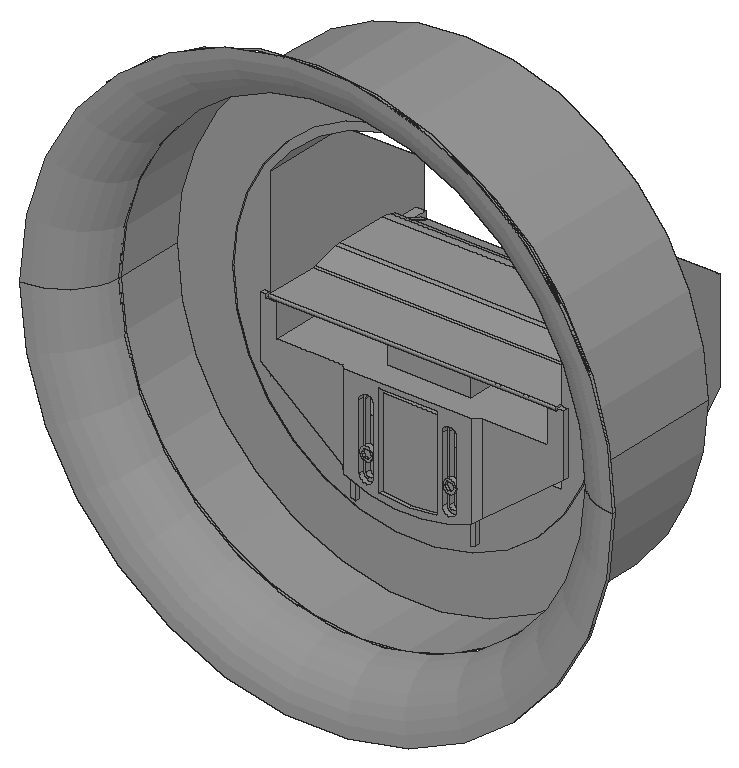
Revit family "BM-10-S", category Mechanical Equipment, Revit 2015
Parameters (values of type "8" Nominal Damper")
  URL = "http://unitedenertech.com/catalog/pdf/L_4a%20System%20BM-10-S.pdf"
  Model = "BM-10-S"
  Manufacturer = "United Enertech Corporation"
  Diameter O.D. [instance] = Bellmouth Outer Radius * 2  # 0' - 7 101/128"
  Description = "Bellmouth Take-off for Supply Applications"
  CR Type = CR 8 (Sleeveless) : CR 8 (Sleeveless)
  Bellmouth Outer Radius [instance] = Bellmouth Inner Radius + 0' 0 9/256"  # 0' - 3 229/256"
  Bellmouth Inner Radius = 0' - 3 55/64"
Types (6): name | Diameter O.D. | CR Type | Bellmouth Outer Radius | Bellmouth Inner Radius
  (no name) | 0' - 7 101/128" | CR 8 (Sleeveless) : CR 8 (Sleeveless) | 0' - 3 229/256" | 0' - 3 55/64"
  4" Nominal Damper | 0' - 3 47/64" | CR 4 (Sleeveless) : CR 4 (Sleeveless) | 0' - 1 111/128" | 0' - 1 213/256"
  5" Nominal Damper | 0' - 4 89/128" | CR 5 (Sleeveless) : CR 5 (Sleeveless) | 0' - 2 89/256" | 0' - 2 5/16"
  6" Nominal Damper | 0' - 5 127/128" | CR 6 (Sleeveless) : CR 6 (Sleeveless) | 0' - 2 255/256" | 0' - 2 123/128"
  8" Nominal Damper | 0' - 7 101/128" | CR 8 (Sleeveless) : CR 8 (Sleeveless) | 0' - 3 229/256" | 0' - 3 55/64"
  10" Nominal Damper | 0' - 9 95/128" | CR 10 (Sleeveless) : CR 10 (Sleeveless) | 0' - 4 223/256" | 0' - 4 107/128"
Reference planes (in)
  plane 1 "Center (Front/Back)": y = 0
  plane 2: z = 0
  plane 3 "Center (Left/Right)": x = 0
  plane 4: y = -1
  plane 5: y = -3
  plane 6: y = -2.12
  plane 7: x = -3.89453
  plane 8: x = 3.89453
Forms (in)
  Extrusion 1, solid, material "Steel, Galvanized"
    sketch origin (0, 0, 0) x (1, 0, 0) y (0, 0, 1)
      loop
        circle (0, 0) r 3.89453
      loop
        circle (0, 0) r 3.85938
    from 0 to 2.12
  Revolve 2, solid, material "Steel, Galvanized"
    sketch origin (0, 0, 0) x (1, 0, 0) y (0, 1, 0)
      loop
        arc (-4.77453, -3) -> (-4.14809, -2.75869) -> (-3.85937, -2.15264) r 0.9066
        line (-3.85937, -2.15264) -> (-3.85937, -2.12) -> (-3.89453, -2.12) -> (-3.89453, -2.15177)
        arc (-3.89453, -2.15177) -> (-4.17432, -2.73149) -> (-4.77453, -2.9641) r 0.87713
        line (-4.77453, -2.9641) -> (-4.77453, -3)
      axis (0, -3) -> (0, -2.12)
    angle from 0 to 360
Cuts and joins
  joined: Extrusion 1, Revolve 2
Dimensions and locks (in)
  locked: plane 1 "Center (Front/Back)" to plane 4 at 1
  locked: plane 1 "Center (Front/Back)" to plane 5 at 3
  locked: plane 1 "Center (Front/Back)" to plane 6 at 2.12
  equal spacing: plane 7, plane 3 "Center (Left/Right)", plane 8
  "Diameter O.D.": plane 7 to plane 8
  "Bellmouth Inner Radius": radius of Extrusion 1 sketch curve
  "Bellmouth Outer Radius": radius of Extrusion 1 sketch curve
  aligned and locked: level to plane 2
  aligned and locked: Extrusion 1 to plane 1 "Center (Front/Back)"
  aligned and locked: Extrusion 1 to plane 6
  aligned and locked: Revolve 2 sketch curve to plane 7
  aligned and locked: plane 3 "Center (Left/Right)" to nested 1
  aligned and locked: nested 1 to plane 4
Automatic sketch dimensions
  Revolve 2 sketch curve to plane 5 = 0' - 0"
  Revolve 2 sketch curve to plane 6 = 0' - 0"
  Revolve 2 sketch curve to plane 3 "Center (Left/Right)" = 0' - 0"
  plane 6 to Revolve 2 sketch curve = 0' - 0.02654"
  Revolve 2 sketch curve to plane 7 = 0' - 0.86951"
  Revolve 2 sketch curve to Revolve 2 sketch curve = 0' - 0.00523"
  plane 5 to Revolve 2 sketch curve = 0' - 0.0359"
  Revolve 2 sketch curve to Revolve 2 sketch curve = 0' - 0.01049"
  plane 7 to Revolve 2 sketch curve = 0' - 0 9/256"
  Revolve 2 sketch curve to plane 6 = 0' - 0.03177"
  Revolve 2 sketch curve to plane 5 = 0' - 0.62"
  Revolve 2 sketch curve to plane 1 "Center (Front/Back)" = 0' - 0.88"
  Extrusion 1 sketch curve to Extrusion 1 sketch curve = 0' - 0"  (x2)
  Extrusion 1 sketch curve to level = 0' - 0"
  Extrusion 1 sketch curve to plane 3 "Center (Left/Right)" = 0' - 0"
Nested families (in)
  nested 1: "CR 8 (Sleeveless)" at (0, -1, 0), type <- "CR Type", type "CR 8 (Sleeveless)"
Definition of nested family "CR 8 (Sleeveless)"
  Parameters (values of type "CR 8 (Sleeveless)")
    URL = "http://unitedenertech.com/catalog/pdf/L_2B,C%20Model%20CR.pdf"
    Type Comments = "8\" Diameter Model"
    Model = "CR"
    Manufacturer = "United Enertech Corporation"
    Description = "Precision/Flow Damper"
    Depth = 0' - 3.33"
    Damper O.D. = 0' - 7 11/16"
  Reference planes (in)
    plane 1 "Center (Front/Back)": y = 0
    plane 2: z = 0
    plane 3 "Center (Left/Right)": x = 0
  Forms (in)
    Extrusion 1, solid
      sketch origin (0, 0, 0) x (1, 0, 0) y (0, 0, 1)
        loop
          circle (0, 0) r 3.84375
      from -0.085 to 0
    Extrusion 2, void
      sketch origin (0, 0, 0) x (1, 0, 0) y (0, 0, 1)
        loop
          circle (0, 0) r 2.94375
      from 0 to -5
    Extrusion 3, solid
      sketch origin (0, 0, 0) x (1, 0, 0) y (0, 0, 1)
        loop
          circle (0, 0) r 2.94375
      from 0 to -1.45
    Extrusion 4, void
      sketch origin (0, 0, 0) x (1, 0, 0) y (0, 0, 1)
        loop
          line (2.34375, 0) -> (2.34375, 1.56595)
          arc (2.34375, 1.56595) -> (1.32879, 2.4859) -> (0, 2.81875) r 2.81875
          arc (0, 2.81875) -> (-1.32879, 2.4859) -> (-2.34375, 1.56595) r 2.81875
          line (-2.34375, 1.56595) -> (-2.34375, -1.38375) -> (0, -1.38375) -> (2.34375, -1.38375) -> (2.34375, 0)
      from 0 to -3.83307
    Extrusion 5, solid
      sketch origin (0, 0, 0) x (0, 1, 0) y (0, 0, 1)
        loop
          line (1.45, 1.56595) -> (1.45, -1.63375) -> (2.675, -1.63375) -> (3.075, -1.23375) -> (3.075, 0.41595) -> (1.45, 1.56595)
      from 2.34375 to 2.42375
    Extrusion 6, solid
      sketch origin (0, 0, 0) x (0, 1, 0) y (0, 0, -1)
        loop
          line (1.45, -1.56595) -> (3.075, -0.41595) -> (3.075, 1.23375) -> (2.675, 1.63375) -> (1.45, 1.63375) -> (1.45, -1.56595)
      from 2.34375 to 2.42375
    Extrusion 7, solid
      sketch origin (0, 0, 0) x (0, 1, 0) y (0, 0, 1)
        loop
          line (1.45, -1.63375) -> (2.675, -1.63375) -> (2.675, -1.38375) -> (1.45, -1.38375) -> (1.45, -1.63375)
      from 2.34375 to -2.34375
    Extrusion 8, void
      sketch origin (0, 0, 0) x (1, 0, 0) y (0, 0, 1)
        loop
          line (-2.42375, 1.56595) -> (-2.42375, 1.67066)
          arc (-2.42375, 1.67066) -> (-2.84696, -0.74864) -> (-1.28843, -2.64681) r 2.94375
          arc (-1.28843, -2.64681) -> (2.23212, -1.91919) -> (2.42375, 1.67066) r 2.94375
          line (2.42375, 1.67066) -> (2.42375, -1.63375) -> (-2.42375, -1.63375) -> (-2.42375, 1.56595)
      from -0.31146 to -3.5842
    Extrusion 9, void
      sketch origin (0, 0, 0) x (1, 0, 0) y (0, 0, 1)
        loop
          arc (-2.42375, 1.52225) -> (-2.86213, 0) -> (-2.42375, -1.52225) r 2.86213
          line (-2.42375, -1.52225) -> (-2.42375, 1.52225)
        loop
          line (2.42375, 1.52225) -> (2.42375, -1.52225)
          arc (2.42375, -1.52225) -> (2.86213, 0) -> (2.42375, 1.52225) r 2.86213
        loop
          arc (-2.35004, -1.63375) -> (0, -2.86213) -> (2.35004, -1.63375) r 2.86213
          line (2.35004, -1.63375) -> (-2.35004, -1.63375)
      from -0.085 to -1.45
    Extrusion 10, solid
      sketch origin (0, 0, 0) x (1, 0, 0) y (0, 0, 1)
        loop
          line (-2.44375, -1.17375) -> (-1.02975, -2.27121)
          arc (-1.02975, -2.27121) -> (-0.52676, -2.43748) -> (0, -2.49375) r 2.49375
          arc (0, -2.49375) -> (0.52676, -2.43748) -> (1.02975, -2.27121) r 2.49375
          line (1.02975, -2.27121) -> (2.44375, -1.17375) -> (2.44375, -0.17375) -> (2.35375, -0.17375) -> (2.35375, -0.22375) -> (2.18375, -0.22375) -> (2.18375, -0.75775) -> (-2.18375, -0.75775) -> (-2.18375, -0.22375) -> (-2.35375, -0.22375) -> (-2.35375, -0.17375) -> (-2.44375, -0.17375) -> (-2.44375, -1.17375)
      from 0 to 0.08
    Extrusion 11, solid
      sketch origin (0, 0, 0) x (1, 0, 0) y (0, 0, 1)
        loop
          line (-1.00274, -1.63375) -> (-1.00274, -2.63586)
          arc (-1.00274, -2.63586) -> (-0.96285, -2.65069) -> (-0.92274, -2.66492) r 2.82015
          line (-0.92274, -2.66492) -> (-0.92274, -1.63375) -> (-1.00274, -1.63375)
      from 0 to 0.05168
    Extrusion 12, solid
      sketch origin (0, 0, 0) x (-1, 0, 0) y (0, 0, -1)
        loop
          line (-1.00274, 1.63375) -> (-0.92274, 1.63375) -> (-0.92274, 2.66492)
          arc (-0.92274, 2.66492) -> (-0.96285, 2.65069) -> (-1.00274, 2.63586) r 2.82015
          line (-1.00274, 2.63586) -> (-1.00274, 1.63375)
      from 0 to 0.05168
    Blend 13, solid
      base sketch origin (0, 0, 0) x (1, 0, 0) y (0, 0, 1)
        loop
          arc (-1.02975, -2.27121) -> (0, -2.49375) -> (1.02975, -2.27121) r 2.49375
          line (1.02975, -2.27121) -> (1.02975, -0.75775) -> (-1.02975, -0.75775) -> (-1.02975, -2.27121)
      top sketch origin (0, 0, 0) x (1, 0, 0) y (0, 0, 1)
        loop
          line (-1.02975, -0.75775) -> (-1.11975, -0.75775) -> (-1.11975, -2.20136) -> (-1.02975, -2.27121)
          arc (-1.02975, -2.27121) -> (0, -2.49375) -> (1.02975, -2.27121) r 2.49375
          line (1.02975, -2.27121) -> (1.11975, -2.20136) -> (1.11975, -0.75775) -> (1.02975, -0.75775) -> (-1.02975, -0.75775)
      from 0.16 to 0.08
    Extrusion 14, void
      sketch origin (0, 0, 0) x (1, 0, 0) y (0, 0, 1)
        loop
          line (0, -0.83775) -> (-0.47, -0.83775) -> (-0.47, -2.35225)
          arc (-0.47, -2.35225) -> (-0.23615, -2.3871) -> (0, -2.39875) r 2.39875
          arc (0, -2.39875) -> (0.23615, -2.3871) -> (0.47, -2.35225) r 2.39875
          line (0.47, -2.35225) -> (0.47, -0.83775) -> (0, -0.83775)
      from 0.08 to 0.16
    Extrusion 15, void
      sketch origin (0, 0, 0) x (1, 0, 0) y (0, 0, 1)
        loop
          line (-0.47, -0.83775) -> (-0.47, -0.93775) -> (0.47, -0.93775) -> (0.47, -0.83775) -> (-0.47, -0.83775)
      from 0 to 0.16
    Extrusion 16, void
      sketch origin (0, 0, 0) x (1, 0, 0) y (0, 0, 1)
        loop
          line (-0.738, -1.11125) -> (-0.738, -2.17208)
          arc (-0.738, -2.17208) -> (-0.6705, -2.23958) -> (-0.603, -2.17208) r 0.0675
          line (-0.603, -2.17208) -> (-0.603, -1.11125)
          arc (-0.603, -1.11125) -> (-0.6705, -1.04375) -> (-0.738, -1.11125) r 0.0675
        loop
          arc (0.738, -1.11125) -> (0.6705, -1.04375) -> (0.603, -1.11125) r 0.0675
          line (0.603, -1.11125) -> (0.603, -2.17208)
          arc (0.603, -2.17208) -> (0.6705, -2.23958) -> (0.738, -2.17208) r 0.0675
          line (0.738, -2.17208) -> (0.738, -1.11125)
      from 0 to 0.26809
    Extrusion 17, void
      sketch origin (0, 0, 0) x (1, 0, 0) y (0, 0, 1)
        loop
          line (-0.78878, -1.11125) -> (-0.78878, -2.17208)
          arc (-0.78878, -2.17208) -> (-0.6705, -2.29036) -> (-0.55222, -2.17208) r 0.11828
          line (-0.55222, -2.17208) -> (-0.55222, -1.11125)
          arc (-0.55222, -1.11125) -> (-0.6705, -0.99297) -> (-0.78878, -1.11125) r 0.11828
        loop
          arc (0.78878, -1.11125) -> (0.6705, -0.99297) -> (0.55222, -1.11125) r 0.11828
          line (0.55222, -1.11125) -> (0.55222, -2.17208)
          arc (0.55222, -2.17208) -> (0.6705, -2.29036) -> (0.78878, -2.17208) r 0.11828
          line (0.78878, -2.17208) -> (0.78878, -1.11125)
      from 0.08 to 0.26809
    Extrusion 18, solid
      sketch origin (0, 0, 0.38301) x (1, 0, 0) y (0, 0, 1)
        loop
          circle (-0.6705, -2.23958) r 0.10606
      from 0.08 to 0.16
    Extrusion 19, solid
      sketch origin (0, 0, -0.10606) x (1, 0, 0) y (0, 0, 1)
        loop
          circle (-0.6705, -1.75052) r 0.05796
      from 0 to 0.08
    Extrusion 20, void
      sketch origin (0, 0, 0) x (1, 0, 0) y (0, 0, 1)
        loop
          line (-0.62476, -1.79125) -> (-0.7042, -1.7843) -> (-0.74995, -1.84962) -> (-0.71624, -1.9219) -> (-0.6368, -1.92885) -> (-0.59105, -1.86352) -> (-0.62476, -1.79125)
      from 0.12205 to 0.26809
    Extrusion 21, solid
      sketch origin (0, 0, 0.38301) x (-1, 0, 0) y (0, 0, -1)
        loop
          circle (-0.6705, 2.23958) r 0.10606
      from 0.08 to 0.16
    Extrusion 22, solid
      sketch origin (0, 0, -0.10606) x (-1, 0, 0) y (0, 0, -1)
        loop
          circle (-0.6705, 1.75052) r 0.05796
      from 0 to 0.08
    Extrusion 23, void
      sketch origin (0, 0, 0) x (-1, 0, 0) y (0, 0, -1)
        loop
          line (-0.62476, 1.79125) -> (-0.59105, 1.86352) -> (-0.6368, 1.92885) -> (-0.71624, 1.9219) -> (-0.74995, 1.84962) -> (-0.7042, 1.7843) -> (-0.62476, 1.79125)
      from 0.12205 to 0.26809
    Extrusion 24, solid
      sketch origin (0, 0, 0) x (1, 0, 0) y (0, 1, 0)
        loop
          line (-0.6725, 0.915) -> (-0.6725, 0.265) -> (0.6725, 0.265) -> (0.6725, 0.915) -> (-0.6725, 0.915)
      from -0.75775 to -0.31775
    Extrusion 25, solid
      sketch origin (0, 0, 0) x (1, 0, 0) y (0, 0, 1)
        loop
          line (-2.34375, -0.22375) -> (-2.34375, -1.00775) -> (2.34375, -1.00775) -> (2.34375, -0.75775) -> (2.34375, -0.22375) -> (2.18375, -0.22375) -> (2.18375, -0.75775) -> (-2.18375, -0.75775) -> (-2.18375, -0.22375) -> (-2.34375, -0.22375)
      from -2.91717 to 0
    Extrusion 26, solid
      sketch origin (0, 0, 0) x (0, 1, 0) y (0, 0, 1)
        loop
          arc (-0.05557, -0.17375) -> (-0.07998, -0.19906) -> (-0.05382, -0.22255) r 0.02443
          line (-0.05382, -0.22255) -> (0.82534, -0.22453)
          arc (0.82534, -0.22453) -> (0.8563, -0.22254) -> (0.88675, -0.2166) r 0.24181
          line (0.88675, -0.2166) -> (1.28312, -0.11252)
          arc (1.28312, -0.11252) -> (1.31381, -0.10654) -> (1.34502, -0.10453) r 0.24371
          line (1.34502, -0.10453) -> (2.23036, -0.10453)
          arc (2.23036, -0.10453) -> (2.2978, -0.11001) -> (2.36347, -0.1263) r 0.41795
          line (2.36347, -0.1263) -> (2.44483, -0.15363) -> (2.461, -0.10549) -> (2.37965, -0.07816)
          arc (2.37965, -0.07816) -> (2.306, -0.05989) -> (2.23036, -0.05375) r 0.46873
          line (2.23036, -0.05375) -> (1.34502, -0.05375)
          arc (1.34502, -0.05375) -> (1.30731, -0.05617) -> (1.27023, -0.06341) r 0.29449
          line (1.27023, -0.06341) -> (0.87385, -0.16749)
          arc (0.87385, -0.16749) -> (0.8498, -0.17218) -> (0.82534, -0.17375) r 0.19103
          line (0.82534, -0.17375) -> (-0.05557, -0.17375)
      from -2.31257 to 2.31257
    Extrusion 27, solid
      sketch origin (0, 0, 0) x (0, 1, 0) y (0, 0, 1)
        loop
          line (2.461, -0.10549) -> (2.44483, -0.15363) -> (2.36347, -0.1263)
          arc (2.36347, -0.1263) -> (2.2978, -0.11001) -> (2.23036, -0.10453) r 0.41795
          line (2.23036, -0.10453) -> (1.34502, -0.10453)
          arc (1.34502, -0.10453) -> (1.31381, -0.10654) -> (1.28312, -0.11252) r 0.24371
          line (1.28312, -0.11252) -> (0.88675, -0.2166)
          arc (0.88675, -0.2166) -> (0.86576, -0.22113) -> (0.84446, -0.22377) r 0.24181
          line (0.84446, -0.22377) -> (-0.05382, -0.22255) -> (0.14264, -0.35993) -> (2.3582, -0.35993) -> (2.7537, -0.22375) -> (2.461, -0.10549)
      from 2.02394 to 2.12394
    Extrusion 28, solid
      sketch origin (0, 0, 0) x (0, 1, 0) y (0, 0, -1)
        loop
          line (2.461, 0.10549) -> (2.7537, 0.22375) -> (2.3582, 0.35993) -> (0.14264, 0.35993) -> (-0.05382, 0.22255) -> (0.84446, 0.22377)
          arc (0.84446, 0.22377) -> (0.86576, 0.22113) -> (0.88675, 0.2166) r 0.24181
          line (0.88675, 0.2166) -> (1.28312, 0.11252)
          arc (1.28312, 0.11252) -> (1.31381, 0.10654) -> (1.34502, 0.10453) r 0.24371
          line (1.34502, 0.10453) -> (2.23036, 0.10453)
          arc (2.23036, 0.10453) -> (2.2978, 0.11001) -> (2.36347, 0.1263) r 0.41795
          line (2.36347, 0.1263) -> (2.44483, 0.15363) -> (2.461, 0.10549)
      from 2.02394 to 2.12394
    Extrusion 29, solid
      sketch origin (0, 0, 0) x (0, 1, 0) y (0, 0, 1)
        loop
          line (2.461, -0.10549) -> (2.44483, -0.15363) -> (2.61838, -0.22375) -> (2.7537, -0.22375) -> (2.461, -0.10549)
      from -2.02394 to 2.02394
    Extrusion 30, solid
      sketch origin (0, 0, 0) x (0, 1, 0) y (0, 0, 1)
        loop
          line (-0.05382, -0.22255) -> (0.08135, -0.31707) -> (0.09937, -0.2913) -> (0.00277, -0.22375) -> (-0.05382, -0.22255)
      from -2.02394 to 2.02394
  Cuts and joins
    Extrusion 2, Extrusion 8 cuts Extrusion 1
    Extrusion 4, Extrusion 8, Extrusion 9, Extrusion 14, Extrusion 16, Extrusion 17, Extrusion 20 cuts Extrusion 3
    Extrusion 8, Extrusion 9, Extrusion 14, Extrusion 16, Extrusion 17, Extrusion 20 cuts Extrusion 5
    Extrusion 8, Extrusion 9, Extrusion 14, Extrusion 16, Extrusion 17, Extrusion 20 cuts Extrusion 6
    Extrusion 8, Extrusion 9, Extrusion 14, Extrusion 16, Extrusion 17, Extrusion 20 cuts Extrusion 7
    joined: Extrusion 3, Extrusion 5, Extrusion 6, Extrusion 7
    Extrusion 14, Extrusion 15, Extrusion 16, Extrusion 17, Extrusion 20 cuts Extrusion 10
    Extrusion 14, Extrusion 15, Extrusion 16, Extrusion 17, Extrusion 20 cuts Blend 13
    joined: Extrusion 10, Blend 13, Extrusion 25
    Extrusion 20, Extrusion 23 cuts Extrusion 18
    Extrusion 20 cuts Extrusion 19
    Extrusion 23 cuts Extrusion 21
    joined: Extrusion 26, Extrusion 29
  Dimensions and locks (in)
    aligned and locked: level to plane 2
